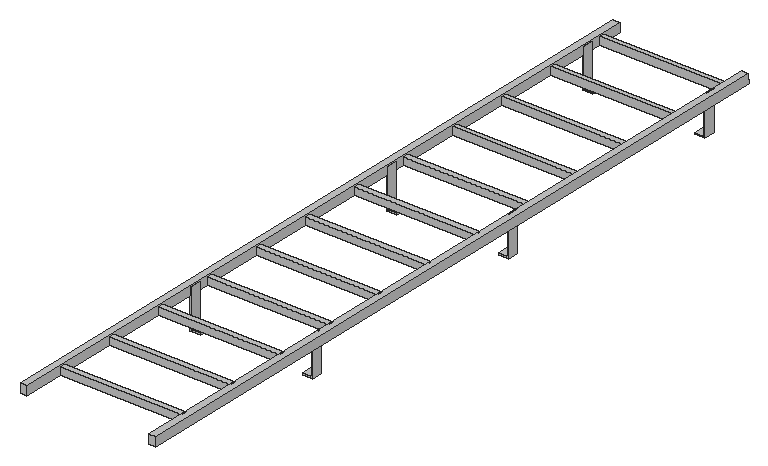
Revit family "2af3a15e-d2d2-4b13-b273-7f8fa4999d1a", category Generic Models, Revit 2012
Parameters (values of type "24"" Wide")
  offset [instance] = 0' - 0"
  makewallbracket [instance] = calcnumwallbracket  # 3
  makerung [instance] = calcnumrung  # 12
  calcnumwallbracket [instance] = (Accomodation Height_Level to Level - 0' 8") / 4' 0"  # 2.8333
  calcnumrung [instance] = Accomodation Height_Level to Level / 1' 0"  # 12
  Warranty Duration (Years) = 0
  Wall Bracket Spacing [instance] = 4' - 0"
  Unit Width = 2' - 0"
  Unit Height [instance] = Accomodation Height_Level to Level + 0' 4"  # 12' - 4"
  URL = "http://www.aclindustries.com/"
  Standards Conformance = "OSHA and ANSI A14.3"
  Specification = ""
  SpecWizard = ""
  Send Message = "http://www.arcat.com/users.pl?action=UserEmail&company=UPNOVR,+Inc.&coid=47852&rep=116&fax=&mf="
  Sales Information = "http://www.aclindustries.com/contact-us.html"
  Rung Spacing = 1' - 0"  # constant formula
  Revision = "R1_04-2013"
  Projection from Host [instance] = 0' - 7"
  Product Properties = ""
  Product Data = "http://www.arcat.com/arcatcos/cos47/arc47852.html"
  Model = "U-100"
  Manufacturer Website = "http://www.aclindustries.com/"
  Manufacturer Phone - Toll Free = ""
  Manufacturer Phone = "603-625-8639"
  Manufacturer Fax = ""
  Manufacturer Address = "3 Crane Way Hooksett, NH 03106"
  Manufacturer = "UPNOVR, Inc."
  Maintenance Schedule (Months) = 0
  Frame Material = Metal - UPNOVR - 6061-T6 Aluminum
  Frame Finish [instance] = Finish - UPNOVR - Mill
  Bottom Level to Ladder Stringer [instance] = 0' - 3"
  Keynote = "05510"
  Installation-Fabrication = ""
  Installation Phase = ""
  Green Building-LEED = "http://www.arcat.com/green/clients/leed_data_47852.html"
  Expected Lifespan (Years) = 0
  Drawn By = "Sumex Design, Inc. / Robert S. Weygant, CSI, CDT, SCIP"
  Description = "UPNOVR U-100 Hatch Access Vertical Aluminum Ladder"
  Default Elevation = 4' - 0"
  Copyright = "©Arcat Inc."
  Construction Details = ""
  Capacity = "500 lbs per rung"
  Bottom Level to First Rung Height [instance] = 1' - 0"
  Assembly Code = "E1090900"
  Accomodation Height_Level to Level [instance] = 12' - 0"
Types (2): name | Unit Width
  24"" Wide | 2' - 0"
  18"" Wide | 1' - 6"
Reference planes (in)
  plane 1 "Center Elevation": y = 51
  plane 2 "Bottom": z = 0
  plane 3 "Center (Left/Right)": x = 0
  plane 4 "Bottom of Ladder": y = -20
  plane 5 "Top of Ladder": y = 125
  plane 6 "Left": x = -12
  plane 7 "Right": x = 12
  plane 8 "Top": z = 7
  plane 9 "Bottom Level": y = -23
  plane 10: y = 121
  plane 11: y = 117
  plane 12: y = -11
  plane 13: y = 1
Forms (in)
  Extrusion 1, solid, material "Finish - UPNOVR - Mill" <- "Frame Finish"
    sketch origin (0, 51, 0) x (1, 0, 0) y (0, 0, 1)
      loop
        line (-12, 7.875) -> (-13.25, 7.875) -> (-13.25, 6.125) -> (-12, 6.125) -> (-12, 7.875)
      loop
        line (12, 7.875) -> (12, 6.125) -> (13.25, 6.125) -> (13.25, 7.875) -> (12, 7.875)
    from -74 to 71
Dimensions and locks (in)
  equal spacing: plane 6 "Left", plane 3 "Center (Left/Right)", plane 7 "Right"
  "Unit Width": plane 6 "Left" to plane 7 "Right"
  equal spacing: plane 5 "Top of Ladder", plane 1 "Center Elevation", plane 9 "Bottom Level"
  "Projection from Host": plane 8 "Top" to level
  "Bottom Level to Ladder Stringer": plane 4 "Bottom of Ladder" to plane 9 "Bottom Level"
  "Accomodation Height_Level to Level": plane 10 to plane 9 "Bottom Level"
  locked: plane 5 "Top of Ladder" to plane 11 at 8
  equal spacing: group 1, group 2, group 3  (x2)
  equal spacing: group 3, group 2, group 1
  "Wall Bracket Spacing": nested 2 to plane 11
  "Bottom Level to First Rung Height": plane 9 "Bottom Level" to plane 12
  "Rung Spacing": plane 12 to plane 13
  equal spacing: group 4, group 5, group 6, group 7, group 8, group 9, group 10, group 11, group 12, group 13, group 14, group 15  (x3)
  locked: plane 5 "Top of Ladder" to plane 10 at 4
  aligned and locked: Extrusion 1 to plane 4 "Bottom of Ladder"
  aligned and locked: plane 5 "Top of Ladder" to Extrusion 1
  aligned and locked: nested 1 to plane 11
  aligned and locked: plane 3 "Center (Left/Right)" to nested 1
  aligned and locked: plane 12 to nested 4
  aligned and locked: plane 13 to nested 5
  aligned and locked: plane 8 "Top" to nested 5
  aligned and locked: plane 3 "Center (Left/Right)" to nested 4
  aligned and locked: plane 3 "Center (Left/Right)" to nested 5
  aligned and locked: plane 8 "Top" to nested 4
Automatic sketch dimensions
  plane 8 "Top" to Extrusion 1 sketch curve = 0' - 0 7/8"  (x2)
  Extrusion 1 sketch curve to plane 6 "Left" = 0' - 0"
  Extrusion 1 sketch curve to plane 7 "Right" = 0' - 0"
  Extrusion 1 sketch curve to Extrusion 1 sketch curve = 0' - 1 1/4"
  Extrusion 1 sketch curve to plane 8 "Top" = 0' - 0 7/8"  (x2)
  plane 7 "Right" to Extrusion 1 sketch curve = 0' - 1 1/4"
Nested families (in)
  nested 1: "Wall Bracket" at (0, 117, 0), width <- "Unit Width", finish <- "Frame Finish", projection <- "Projection from Host", type "Wall Bracket"
    with width 2' - 0", projection 0' - 7", finish Finish - UPNOVR - Mill
  nested 2: "Wall Bracket" at (0, 69, 0), width <- "Unit Width", finish <- "Frame Finish", projection <- "Projection from Host", type "Wall Bracket"
    with width 2' - 0", projection 0' - 7", finish Finish - UPNOVR - Mill
  nested 3: "Wall Bracket" at (0, 21, 0), width <- "Unit Width", finish <- "Frame Finish", projection <- "Projection from Host", type "Wall Bracket"
    with width 2' - 0", projection 0' - 7", finish Finish - UPNOVR - Mill
  nested 4: "Rung" at (0, -11, 7), finish <- "Frame Finish", width <- "Unit Width", type "Rung"
    with width 2' - 0", finish Finish - UPNOVR - Mill
  nested 5: "Rung" at (0, 1, 7), finish <- "Frame Finish", width <- "Unit Width", type "Rung"
    with width 2' - 0", finish Finish - UPNOVR - Mill
  nested 6: "Rung" at (0, 13, 7), finish <- "Frame Finish", width <- "Unit Width", type "Rung"
    with width 2' - 0", finish Finish - UPNOVR - Mill
  nested 7: "Rung" at (0, 25, 7), finish <- "Frame Finish", width <- "Unit Width", type "Rung"
    with width 2' - 0", finish Finish - UPNOVR - Mill
  nested 8: "Rung" at (0, 37, 7), finish <- "Frame Finish", width <- "Unit Width", type "Rung"
    with width 2' - 0", finish Finish - UPNOVR - Mill
  nested 9: "Rung" at (0, 49, 7), finish <- "Frame Finish", width <- "Unit Width", type "Rung"
    with width 2' - 0", finish Finish - UPNOVR - Mill
  nested 10: "Rung" at (0, 61, 7), finish <- "Frame Finish", width <- "Unit Width", type "Rung"
    with width 2' - 0", finish Finish - UPNOVR - Mill
  nested 11: "Rung" at (0, 73, 7), finish <- "Frame Finish", width <- "Unit Width", type "Rung"
    with width 2' - 0", finish Finish - UPNOVR - Mill
  nested 12: "Rung" at (0, 85, 7), finish <- "Frame Finish", width <- "Unit Width", type "Rung"
    with width 2' - 0", finish Finish - UPNOVR - Mill
  nested 13: "Rung" at (0, 97, 7), finish <- "Frame Finish", width <- "Unit Width", type "Rung"
    with width 2' - 0", finish Finish - UPNOVR - Mill
  nested 14: "Rung" at (0, 109, 7), finish <- "Frame Finish", width <- "Unit Width", type "Rung"
    with width 2' - 0", finish Finish - UPNOVR - Mill
  nested 15: "Rung" at (0, 121, 7), finish <- "Frame Finish", width <- "Unit Width", type "Rung"
    with width 2' - 0", finish Finish - UPNOVR - Mill
Definition of nested family "Wall Bracket"
  Parameters
    width [instance] = 1' - 4"
    projection [instance] = 0' - 8.62102"
    finish [instance] = none
  Reference planes (in)
    plane 1 "Center (Front/Back)": y = 0
    plane 2: z = 0
    plane 3 "Center (Left/Right)": x = 0
    plane 4: x = -8
    plane 5: x = 8
    plane 6: z = 8.62102
    plane 7: z = 9.37102
  Forms (in)
    Extrusion 1, solid, material <- "finish"
      sketch origin (0, 0, 0) x (1, 0, 0) y (0, 0, 1)
        loop
          line (-8, 9.37102) -> (-8, 0) -> (-6, 0) -> (-6, 0.25) -> (-7.75, 0.25) -> (-7.75, 9.37102) -> (-8, 9.37102)
        loop
          line (8, 9.37102) -> (7.75, 9.37102) -> (7.75, 0.25) -> (6, 0.25) -> (6, 0) -> (8, 0) -> (8, 9.37102)
      from 1 to -1
  Dimensions and locks (in)
    equal spacing: plane 5, plane 3 "Center (Left/Right)", plane 4
    "width": plane 5 to plane 4
    Extrusion 1 sketch curve to Extrusion 1 sketch curve to Extrusion 1 sketch curve = 0' - 1 3/4" locked, 0' - 0 1/4" locked
    Extrusion 1 sketch curve to Extrusion 1 sketch curve to Extrusion 1 sketch curve = 0' - 0 1/4" locked, 0' - 1 3/4" locked
    locked: plane 7 to plane 6 at 0.75
    "projection": plane 6 to level
    aligned and locked: Extrusion 1 sketch curve to plane 5
    aligned and locked: Extrusion 1 sketch curve to plane 4
    aligned and locked: plane 7 to Extrusion 1 sketch curve
    aligned and locked: Extrusion 1 sketch curve to plane 7
  Automatic sketch dimensions
    Extrusion 1 sketch curve to level = 0' - 0"  (x2)
    Extrusion 1 sketch curve to Extrusion 1 sketch curve = 0' - 0 1/4"  (x2)
Definition of nested family "Rung"
  Parameters
    width [instance] = 2' - 0"
    finish [instance] = none
    Default Elevation = 4' - 0"
  Reference planes (in)
    plane 1 "Center (Front/Back)": y = 0
    plane 2: z = 0
    plane 3 "Center (Left/Right)": x = 0
    plane 4: x = -12
    plane 5: x = 12
  Forms (in)
    Extrusion 1, solid, material <- "finish"
      sketch origin (0, 0, 0) x (0, 1, 0) y (0, 0, 1)
        loop
          line (0, 0.71875) -> (-1, 0.71875) -> (-1, -0.71875) -> (0, -0.71875) -> (0, 0.71875)
      from -12 to 12
  Dimensions and locks (in)
    equal spacing: plane 4, plane 3 "Center (Left/Right)", plane 5
    "width": plane 4 to plane 5
    aligned and locked: plane 5 to Extrusion 1
    aligned and locked: Extrusion 1 to plane 4
  Automatic sketch dimensions
    plane 1 "Center (Front/Back)" to Extrusion 1 sketch curve = 0' - 1"
    Extrusion 1 sketch curve to level = 0' - 0 23/32"
    Extrusion 1 sketch curve to plane 1 "Center (Front/Back)" = 0' - 0"
    Extrusion 1 sketch curve to Extrusion 1 sketch curve = 0' - 1 7/16"
